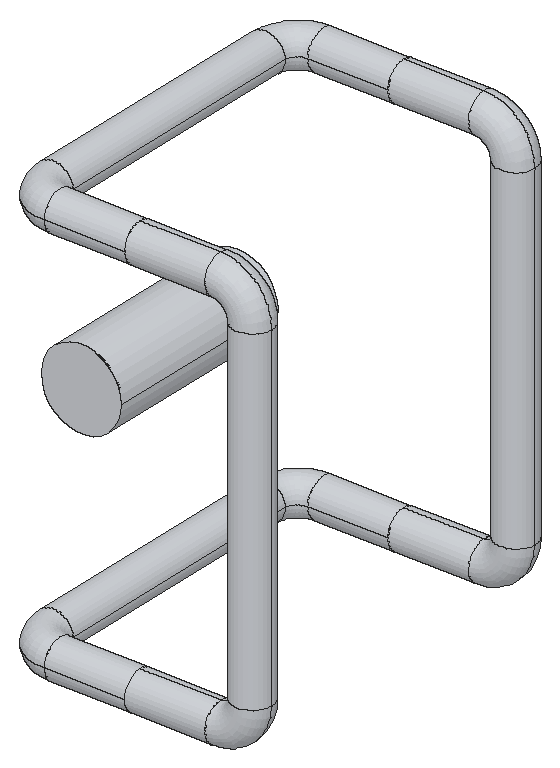
Revit family "АВЛН_Ручка_П-образная", category Двери, Revit 2021
Family settings
  На основе рабочей плоскости = Нет
  Всегда вертикально = Да
  При загрузке вырезать с полостями = Нет
  Общий = Нет
  Точка принадлежности помещению = Нет
Parameters (values of type "АВЛН_Ручка_П-образная")
  Ручка двери [instance] = none
  Полотно двери.Толщина [instance] = 90 mm
  Отступ ручки от края = 40 mm
  Отметка по умолчанию = 0 mm
  Определить тепловые свойства по = Тип схем
  Высота расположения ручки = 1000 mm
  Аналитическая конструкция = "<Нет>"
Reference planes
  plane 1 "Наружная сторона полотна": y = 0
  plane 2: z = 0
  plane 3 "Край полотна": x = 0
  plane 4 "Вертикаль расположения": x = 40
  plane 5 "Горизонталь расположения": z = 1000
  plane 6 "Внутренняя сторона полотна": y = -90
  plane 7: z = 750
  plane 8: y = 65
  plane 9: y = -140
Forms (mm)
  Sweep 1, solid, material <- "Ручка двери", detail levels fine
    path origin (0, 0, 1000) x (1, 0, 0) y (0, 1, 0)
      loop
        line (110, 65) -> (60, 65)
        arc (60, 65) -> (45.858, 59.142) -> (40, 45) r 20
        line (40, 45) -> (40, -120)
        arc (40, -120) -> (45.858, -134.142) -> (60, -140) r 20
        line (60, -140) -> (110, -140)
    profile origin (40, -37.5, 1000) x (1, 0, 0) y (0, 0, 1)
      loop
        circle (0, 0) r 12
  Extrusion 2, solid, material <- "Ручка двери", detail levels fine
    sketch origin (0, 0, 0) x (1, 0, 0) y (0, 0, 1)
      loop
        circle (40, 875) r 25
    from 98 to -23
  Sweep 3, solid, material <- "Ручка двери", detail levels fine
    path origin (592.846, -30.48, 750) x (1, 0, 0) y (0, 1, 0)
      loop
        line (-482.846, 95.48) -> (-532.846, 95.48)
        arc (-532.846, 95.48) -> (-546.988, 89.622) -> (-552.846, 75.48) r 20
        line (-552.846, 75.48) -> (-552.846, -89.52)
        arc (-552.846, -89.52) -> (-546.988, -103.662) -> (-532.846, -109.52) r 20
        line (-532.846, -109.52) -> (-482.846, -109.52)
    profile origin (40, -37.5, 750) x (1, 0, 0) y (0, 0, 1)
      loop
        circle (0, 0) r 12
  Sweep 4, solid, material <- "Ручка двери", detail levels fine
    path origin (160, 65, 1200) x (1, 0, 0) y (0, 0, 1)
      loop
        line (-50, -200) -> (0, -200)
        arc (0, -200) -> (14.142, -205.858) -> (20, -220) r 20
        line (20, -220) -> (20, -430)
        arc (20, -430) -> (14.142, -444.142) -> (0, -450) r 20
        line (0, -450) -> (-50, -450)
    profile origin (135, 65, 1000) x (0, 0, 1) y (0, -1, 0)
      loop
        circle (0, 0) r 12
  Sweep 5, solid, material <- "Ручка двери", detail levels fine
    path origin (160, -140, 1200) x (1, 0, 0) y (0, 0, 1)
      loop
        line (-50, -200) -> (0, -200)
        arc (0, -200) -> (14.142, -205.858) -> (20, -220) r 20
        line (20, -220) -> (20, -430)
        arc (20, -430) -> (14.142, -444.142) -> (0, -450) r 20
        line (0, -450) -> (-50, -450)
    profile origin (135, -140, 1000) x (0, 0, 1) y (0, -1, 0)
      loop
        circle (0, 0) r 12
Cuts and joins
  joined: Sweep 1, Sweep 3, Sweep 4, Sweep 5
Dimensions and locks
  "Отступ ручки от края": plane 3 "Край полотна" to plane 4 "Вертикаль расположения"
  "Высота расположения ручки": plane 5 "Горизонталь расположения" to level
  "Полотно двери.Толщина": plane 1 "Наружная сторона полотна" to plane 6 "Внутренняя сторона полотна"
  locked: plane 1 "Наружная сторона полотна" to Extrusion 2 at 23
  locked: plane 6 "Внутренняя сторона полотна" to Extrusion 2 at 8
  locked: Extrusion 2 sketch curve to plane 5 "Горизонталь расположения" at 125
  locked: Extrusion 2 sketch curve to plane 4 "Вертикаль расположения"
  locked: plane 1 "Наружная сторона полотна" to Sweep 1 sketch curve at 65
  locked: plane 6 "Внутренняя сторона полотна" to Sweep 1 sketch curve at 50
  locked: plane 4 "Вертикаль расположения" to Sweep 1 sketch curve at 70  (x2)
  locked: Sweep 1 sketch curve to plane 5 "Горизонталь расположения"
  locked: plane 4 "Вертикаль расположения" to Sweep 1 sketch curve
  locked: plane 1 "Наружная сторона полотна" to Sweep 3 sketch curve at 65
  locked: plane 6 "Внутренняя сторона полотна" to Sweep 3 sketch curve at 50
  locked: plane 4 "Вертикаль расположения" to Sweep 3 sketch curve at 70  (x2)
  locked: plane 7 to plane 5 "Горизонталь расположения" at 250
  locked: plane 8 to plane 1 "Наружная сторона полотна" at 65
  locked: plane 9 to plane 6 "Внутренняя сторона полотна" at 50
  locked: Sweep 4 sketch curve to plane 4 "Вертикаль расположения" at 140
  locked: Sweep 5 sketch curve to plane 4 "Вертикаль расположения" at 140
  aligned and locked: Sweep 1 sketch curve to plane 4 "Вертикаль расположения"
  aligned and locked: Sweep 3 sketch curve to plane 4 "Вертикаль расположения"
  aligned and locked: plane 7 to Sweep 4 sketch curve
  aligned and locked: plane 5 "Горизонталь расположения" to Sweep 4 sketch curve
  aligned and locked: plane 5 "Горизонталь расположения" to Sweep 5 sketch curve
  aligned and locked: plane 7 to Sweep 5 sketch curve
Automatic sketch dimensions
  plane 4 "Вертикаль расположения" to Sweep 1 sketch curve = 20 mm  (x2)
  plane 4 "Вертикаль расположения" to Sweep 3 sketch curve = 20 mm  (x2)
  Sweep 3 sketch curve to plane 7 = 0 mm
  profile plane to Sweep 3 sketch curve = 0 mm
  Sweep 4 sketch curve to Sweep 4 sketch curve = 20 mm
  Sweep 4 sketch curve to plane 5 "Горизонталь расположения" = 20 mm
  Sweep 4 sketch curve to Sweep 4 sketch curve = 50 mm  (x2)
  Sweep 4 sketch curve to plane 8 = 0 mm
  profile plane to Sweep 4 sketch curve = 0 mm
  profile plane to Sweep 5 sketch curve = 0 mm
  Sweep 5 sketch curve to profile plane = 0 mm
  plane 4 "Вертикаль расположения" to Sweep 5 sketch curve = 70 mm
  Sweep 5 sketch curve to Sweep 5 sketch curve = 50 mm  (x2)
  Sweep 5 sketch curve to plane 5 "Горизонталь расположения" = 20 mm
  radius of Sweep 1 sketch curve = 12 mm
  radius of Extrusion 2 sketch curve = 25 mm
  radius of Sweep 3 sketch curve = 12 mm
  radius of Sweep 4 sketch curve = 12 mm
  radius of Sweep 5 sketch curve = 12 mm
